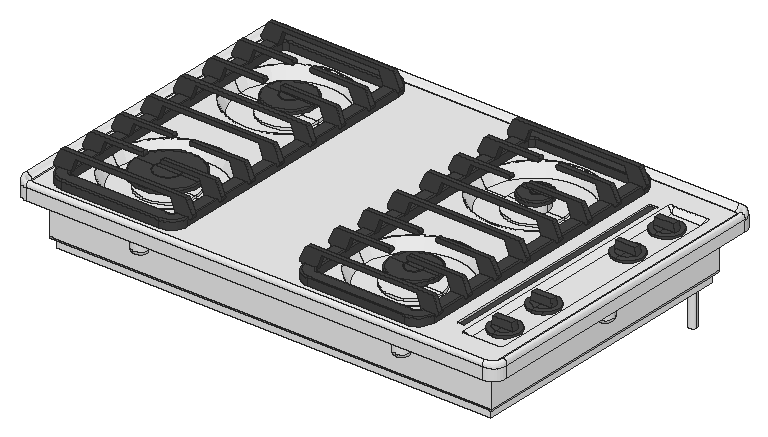
Revit family "QF_Summit_ZTL053S_Cooktop", category Specialty Equipment, Revit 2020
Family settings
  Round Connector Dimension = Use Diameter
  Part Type = Normal
  Work Plane-Based = No
  Always vertical = Yes
  Cut with Voids When Loaded = No
  Shared = No
  Room Calculation Point = No
Parameters
  Weight in Pounds = 27
  Watts = 0 W
  Volts = 115 V
  URL Cutsheet = ""
  Specification by User = ""
  Specification by Manufacturer = ""
  Serial Number = ""
  Seismic Rating = ""
  SMACNA No = ""
  Revision Code = ""
  Plumbing Remarks = ""
  Plumbing Connection Type = ""
  Phase = 1
  Number of Poles = 1
  NAFEM Spec ID Number = ""
  Model = "ZTL053S"
  Min Ckt Ampacity = 0 A
  Max Overcurrent Protection = 0 A
  Masterspec = ""
  Manufacturer = "Summit"
  Length = 29 3/4"
  Item Number = ""
  Installed By = ""
  Identify Quantity as Lot = yes
  Height = 4"
  HP = ""
  Gas Size = 0"
  Gas RI Height = 0"
  Gas KW = 0
  Gas Input = 12000.0 Btu/h
  Gas Connection Height = 0"
  Furnished By = ""
  Foodservice Equipment Identifier = yes
  FL Amps = 0 A
  Electrical Remarks = ""
  Elec Conn RI Height = 0"
  Elec Conn Connection Height = 0"
  Description = "Cooktop"
  Depth = 20"
  Default Elevation = 0"
  Cycle = 60 Hz
  Conn Plug = "3 Prong Cord"
  Conn Conduit = yes
  CSI MasterFormat = ""
  Apparent Power = 0 VA
Reference planes (in)
  plane 1 "BACK": y = 0
  plane 2: z = 0
  plane 3 "LEFT": x = 0
  plane 4 "RIGHT": x = 29.75
  plane 5 "FRONT": y = -20
  plane 6 "TOP": z = 4
  plane 7 "Center Y": x = 14.875
  plane 8 "Center X": y = -10
  plane 9: z = 3
  plane 10: z = 0.5
  plane 11: z = -2.5
Forms (in)
  Sweep 1, solid, material "QF_Metal_Chrome_Satin"
    path origin (0, 0, 3.99988) x (-1, 0, 0) y (0, -1, 0)
      loop
        line (-0.0625, 0.8125) -> (-0.0625, 19.1875)
        arc (-0.0625, 19.1875) -> (-0.28217, 19.71783) -> (-0.8125, 19.9375) r 0.75
        line (-0.8125, 19.9375) -> (-28.9375, 19.9375)
        arc (-28.9375, 19.9375) -> (-29.46783, 19.71783) -> (-29.6875, 19.1875) r 0.75
        line (-29.6875, 19.1875) -> (-29.6875, 0.8125)
        arc (-29.6875, 0.8125) -> (-29.46783, 0.28217) -> (-28.9375, 0.0625) r 0.75
        line (-28.9375, 0.0625) -> (-0.8125, 0.0625)
        arc (-0.8125, 0.0625) -> (-0.28217, 0.28217) -> (-0.0625, 0.8125) r 0.75
    profile origin (0.0625, -10, 3.99988) x (1, 0, 0) y (0, 0, 1)
      loop
        line (0.50007, -0.99988) -> (0.50007, -0.24988)
        spline (0.50007, -0.24988) -> (0.38683, -0.22526) -> (0.30986, -0.16677) -> (0.25459, -0.09746) -> (0.20654, -0.0403) -> (0.15715, -0.00897) -> (0.1083, -0.00102) -> (0.06291, -0.01235) -> (0.02367, -0.03905) -> (-0.00886, -0.07917) -> (-0.03532, -0.13183) -> (-0.05489, -0.20201) -> (-0.06266, -0.31115)
        line (-0.06266, -0.31115) -> (-0.06266, -0.99988) -> (0.50007, -0.99988)
  Extrusion 2, solid, material "QF_Metal_Chrome_Satin"
    sketch origin (23.1875, -0.5625, 3.49988) x (0, 1, 0) y (1, 0, 0)
      loop
        circle (-4.74127, -17.90956) r 3.49904
      loop
        line (-18.875, 5.75) -> (-18.875, -22.375)
        arc (-18.875, -22.375) -> (-18.80178, -22.55178) -> (-18.625, -22.625) r 0.25
        line (-18.625, -22.625) -> (-0.25, -22.625)
        arc (-0.25, -22.625) -> (-0.07322, -22.55178) -> (0, -22.375) r 0.25
        line (0, -22.375) -> (0, 5.75)
        arc (0, 5.75) -> (-0.07322, 5.92678) -> (-0.25, 6) r 0.25
        line (-0.25, 6) -> (-18.625, 6)
        arc (-18.625, 6) -> (-18.80178, 5.92678) -> (-18.875, 5.75) r 0.25
      loop
        circle (-4.74127, -2.71662) r 3.49904
      loop
        circle (-14.13373, -17.90956) r 3.49904
      loop
        circle (-14.13373, -2.71662) r 3.49904
    from 0.49988 to -0.25012
  Blend 3, void
    base sketch origin (23.18874, -0.56796, 3.79988) x (0, 1, 0) y (-1, 0, 0)
      loop
        arc (-1.25, -3) -> (-1.32322, -2.82322) -> (-1.5, -2.75) r 0.25
        line (-1.5, -2.75) -> (-17.375, -2.75)
        arc (-17.375, -2.75) -> (-17.55178, -2.82322) -> (-17.625, -3) r 0.25
        line (-17.625, -3) -> (-17.625, -5.25)
        arc (-17.625, -5.25) -> (-17.55178, -5.42678) -> (-17.375, -5.5) r 0.25
        line (-17.375, -5.5) -> (-1.5, -5.5)
        arc (-1.5, -5.5) -> (-1.32322, -5.42678) -> (-1.25, -5.25) r 0.25
        line (-1.25, -5.25) -> (-1.25, -3)
    top sketch origin (23.18874, -0.56796, 3.79988) x (0, 1, 0) y (-1, 0, 0)
      loop
        line (-1.71875, -3.21875) -> (-17.15625, -3.21875) -> (-17.15625, -5.03125) -> (-1.71875, -5.03125) -> (-1.71875, -3.21875)
    from 0.0625 to -0.31152
  Extrusion 4, void
    sketch origin (23.18874, -0.56796, 3.79988) x (0, 1, 0) y (-1, 0, 0)
      loop
        arc (-2, -2.1875) -> (-2.01831, -2.14331) -> (-2.0625, -2.125) r 0.0625
        line (-2.0625, -2.125) -> (-16.8125, -2.125)
        arc (-16.8125, -2.125) -> (-16.85669, -2.14331) -> (-16.875, -2.1875) r 0.0625
        line (-16.875, -2.1875) -> (-16.875, -2.5625)
        arc (-16.875, -2.5625) -> (-16.85669, -2.60669) -> (-16.8125, -2.625) r 0.0625
        line (-16.8125, -2.625) -> (-2.0625, -2.625)
        arc (-2.0625, -2.625) -> (-2.01831, -2.60669) -> (-2, -2.5625) r 0.0625
        line (-2, -2.5625) -> (-2, -2.1875)
    from 0.0625 to -0.125
  Revolve 5, solid, material "QF_Plastic_Black_Smooth"
    sketch origin (27.31374, -3, 0.48835) x (0, 1, 0) y (0, 0, 1)
      loop
        line (-0.75736, 3) -> (-0.50736, 3) -> (-0.50736, 3.07947) -> (0.15671, 3.07947) -> (0.15671, 3.2014)
        arc (0.15671, 3.2014) -> (0.03405, 3.23774) -> (-0.09329, 3.25) r 0.66737
        line (-0.09329, 3.25) -> (-0.75736, 3.25) -> (-0.75736, 3)
      axis (-0.75736, 3.25) -> (-0.75736, 3)
    angle from 0 to 360
  Blend 6, solid, material "QF_Plastic_Black_Smooth"
    base sketch origin (5.74846, -3, 4.23835) x (-1, 0, 0) y (0, -1, 0)
      loop
        arc (-20.9318, 0.55812) -> (-20.90121, 0.75736) -> (-20.9318, 0.95659) r 0.66406
        line (-20.9318, 0.95659) -> (-22.19875, 0.95659)
        arc (-22.19875, 0.95659) -> (-22.22934, 0.75736) -> (-22.19875, 0.55812) r 0.66406
        line (-22.19875, 0.55812) -> (-20.9318, 0.55812)
    top sketch origin (5.74846, -3, 4.23835) x (-1, 0, 0) y (0, -1, 0)
      loop
        arc (-20.98589, 0.57514) -> (-20.95791, 0.75736) -> (-20.98589, 0.93958) r 0.60736
        line (-20.98589, 0.93958) -> (-22.14466, 0.93958)
        arc (-22.14466, 0.93958) -> (-22.17264, 0.75736) -> (-22.14466, 0.57514) r 0.60736
        line (-22.14466, 0.57514) -> (-20.98589, 0.57514)
    from -0.5 to -0.05271
  Revolve 7, solid, material "QF_Plastic_Black_Smooth", not visible
    sketch origin (21.56528, -3, 0) x (0, 1, 0) y (0, 0, 1)
      loop
        line (-0.75736, 3) -> (-0.50736, 3) -> (-0.50736, 3.07947) -> (0.15671, 3.07947) -> (0.15671, 3.2014)
        arc (0.15671, 3.2014) -> (0.03405, 3.23774) -> (-0.09329, 3.25) r 0.66737
        line (-0.09329, 3.25) -> (-0.75736, 3.25) -> (-0.75736, 3)
      axis (-0.75736, 3.25) -> (-0.75736, 3)
    angle from 0 to 360
  Blend 8, solid, material "QF_Plastic_Black_Smooth", not visible
    base sketch origin (0, -3, 3.75) x (-1, 0, 0) y (0, -1, 0)
      loop
        arc (-20.9318, 0.55812) -> (-20.90121, 0.75736) -> (-20.9318, 0.95659) r 0.66406
        line (-20.9318, 0.95659) -> (-22.19875, 0.95659)
        arc (-22.19875, 0.95659) -> (-22.22934, 0.75736) -> (-22.19875, 0.55812) r 0.66406
        line (-22.19875, 0.55812) -> (-20.9318, 0.55812)
    top sketch origin (0, -3, 3.75) x (-1, 0, 0) y (0, -1, 0)
      loop
        arc (-20.98589, 0.57514) -> (-20.95791, 0.75736) -> (-20.98589, 0.93958) r 0.60736
        line (-20.98589, 0.93958) -> (-22.14466, 0.93958)
        arc (-22.14466, 0.93958) -> (-22.17264, 0.75736) -> (-22.14466, 0.57514) r 0.60736
        line (-22.14466, 0.57514) -> (-20.98589, 0.57514)
    from -0.5 to -0.05271
  Revolve 9, solid, material "QF_Plastic_Black_Smooth"
    sketch origin (27.31156, -3.00158, 0.48835) x (0, 1, 0) y (0, 0, 1)
      loop
        line (-3.75736, 3) -> (-3.50736, 3) -> (-3.50736, 3.07947) -> (-2.84329, 3.07947) -> (-2.84329, 3.2014)
        arc (-2.84329, 3.2014) -> (-2.96595, 3.23774) -> (-3.09329, 3.25) r 0.66737
        line (-3.09329, 3.25) -> (-3.75736, 3.25) -> (-3.75736, 3)
      axis (-3.75736, 3.25) -> (-3.75736, 3)
    angle from 0 to 360
  Blend 10, solid, material "QF_Plastic_Black_Smooth"
    base sketch origin (5.74628, -3.00158, 4.23835) x (-1, 0, 0) y (0, -1, 0)
      loop
        arc (-20.9318, 3.55812) -> (-20.90121, 3.75736) -> (-20.9318, 3.95659) r 0.66406
        line (-20.9318, 3.95659) -> (-22.19875, 3.95659)
        arc (-22.19875, 3.95659) -> (-22.22934, 3.75736) -> (-22.19875, 3.55812) r 0.66406
        line (-22.19875, 3.55812) -> (-20.9318, 3.55812)
    top sketch origin (5.74628, -3.00158, 4.23835) x (-1, 0, 0) y (0, -1, 0)
      loop
        arc (-20.98589, 3.57514) -> (-20.95791, 3.75736) -> (-20.98589, 3.93958) r 0.60736
        line (-20.98589, 3.93958) -> (-22.14466, 3.93958)
        arc (-22.14466, 3.93958) -> (-22.17264, 3.75736) -> (-22.14466, 3.57514) r 0.60736
        line (-22.14466, 3.57514) -> (-20.98589, 3.57514)
    from -0.5 to -0.05271
  Revolve 11, solid, material "QF_Plastic_Black_Smooth"
    sketch origin (27.31156, -6.00158, 0.48835) x (0, 1, 0) y (0, 0, 1)
      loop
        line (-10.24264, 3) -> (-10.24264, 3.25) -> (-10.90671, 3.25)
        arc (-10.90671, 3.25) -> (-11.03405, 3.23774) -> (-11.15671, 3.2014) r 0.66737
        line (-11.15671, 3.2014) -> (-11.15671, 3.07947) -> (-10.49264, 3.07947) -> (-10.49264, 3) -> (-10.24264, 3)
      axis (-10.24264, 3.25) -> (-10.24264, 3)
    angle from 0 to 360
  Blend 12, solid, material "QF_Plastic_Black_Smooth"
    base sketch origin (5.74628, -6.00158, 4.23835) x (-1, 0, 0) y (0, -1, 0)
      loop
        line (-20.9318, 10.44188) -> (-22.19875, 10.44188)
        arc (-22.19875, 10.44188) -> (-22.22934, 10.24264) -> (-22.19875, 10.04341) r 0.66406
        line (-22.19875, 10.04341) -> (-20.9318, 10.04341)
        arc (-20.9318, 10.04341) -> (-20.90121, 10.24264) -> (-20.9318, 10.44188) r 0.66406
    top sketch origin (5.74628, -6.00158, 4.23835) x (-1, 0, 0) y (0, -1, 0)
      loop
        line (-20.98589, 10.42486) -> (-22.14466, 10.42486)
        arc (-22.14466, 10.42486) -> (-22.17264, 10.24264) -> (-22.14466, 10.06042) r 0.60736
        line (-22.14466, 10.06042) -> (-20.98589, 10.06042)
        arc (-20.98589, 10.06042) -> (-20.95791, 10.24264) -> (-20.98589, 10.42486) r 0.60736
    from -0.5 to -0.05271
  Revolve 13, solid, material "QF_Plastic_Black_Smooth"
    sketch origin (27.31156, -3.00158, 0.48835) x (0, 1, 0) y (0, 0, 1)
      loop
        line (-10.24264, 3) -> (-10.24264, 3.25) -> (-10.90671, 3.25)
        arc (-10.90671, 3.25) -> (-11.03405, 3.23774) -> (-11.15671, 3.2014) r 0.66737
        line (-11.15671, 3.2014) -> (-11.15671, 3.07947) -> (-10.49264, 3.07947) -> (-10.49264, 3) -> (-10.24264, 3)
      axis (-10.24264, 3.25) -> (-10.24264, 3)
    angle from 0 to 360
  Blend 14, solid, material "QF_Plastic_Black_Smooth"
    base sketch origin (5.74628, -3.00158, 4.23835) x (-1, 0, 0) y (0, -1, 0)
      loop
        line (-20.9318, 10.44188) -> (-22.19875, 10.44188)
        arc (-22.19875, 10.44188) -> (-22.22934, 10.24264) -> (-22.19875, 10.04341) r 0.66406
        line (-22.19875, 10.04341) -> (-20.9318, 10.04341)
        arc (-20.9318, 10.04341) -> (-20.90121, 10.24264) -> (-20.9318, 10.44188) r 0.66406
    top sketch origin (5.74628, -3.00158, 4.23835) x (-1, 0, 0) y (0, -1, 0)
      loop
        line (-20.98589, 10.42486) -> (-22.14466, 10.42486)
        arc (-22.14466, 10.42486) -> (-22.17264, 10.24264) -> (-22.14466, 10.06042) r 0.60736
        line (-22.14466, 10.06042) -> (-20.98589, 10.06042)
        arc (-20.98589, 10.06042) -> (-20.95791, 10.24264) -> (-20.98589, 10.42486) r 0.60736
    from -0.5 to -0.05271
  Revolve 15, solid, material "QF_Plastic_Black_Smooth", not visible
    sketch origin (21.56528, -20.00316, 0) x (0, 1, 0) y (0, 0, 1)
      loop
        line (16.2458, 3) -> (16.4958, 3) -> (16.4958, 3.07947) -> (17.15986, 3.07947) -> (17.15986, 3.2014)
        arc (17.15986, 3.2014) -> (17.0372, 3.23774) -> (16.90986, 3.25) r 0.66737
        line (16.90986, 3.25) -> (16.2458, 3.25) -> (16.2458, 3)
      axis (16.2458, 3.25) -> (16.2458, 3)
    angle from 0 to 360
  Blend 16, solid, material "QF_Plastic_Black_Smooth", not visible
    base sketch origin (0, -20.00316, 3.75) x (-1, 0, 0) y (0, -1, 0)
      loop
        arc (-20.9318, -16.44503) -> (-20.90121, -16.2458) -> (-20.9318, -16.04657) r 0.66406
        line (-20.9318, -16.04657) -> (-22.19875, -16.04657)
        arc (-22.19875, -16.04657) -> (-22.22934, -16.2458) -> (-22.19875, -16.44503) r 0.66406
        line (-22.19875, -16.44503) -> (-20.9318, -16.44503)
    top sketch origin (0, -20.00316, 3.75) x (-1, 0, 0) y (0, -1, 0)
      loop
        arc (-20.98589, -16.42802) -> (-20.95791, -16.2458) -> (-20.98589, -16.06358) r 0.60736
        line (-20.98589, -16.06358) -> (-22.14466, -16.06358)
        arc (-22.14466, -16.06358) -> (-22.17264, -16.2458) -> (-22.14466, -16.42802) r 0.60736
        line (-22.14466, -16.42802) -> (-20.98589, -16.42802)
    from -0.5 to -0.05271
  Extrusion 17, solid, material "QF_Metal_Chrome_Satin"
    sketch origin (9.68847, 8.08075, 0) x (-1, 0, 0) y (0, 1, 0)
      loop
        circle (-17.75, -10) r 0.25
    from -0.5 to 2.5
  Sweep 18, solid, material "QF_Metal_Chrome_Satin"
    path origin (0, 0, 0) x (1, 0, 0) y (0, 1, 0)
      loop
        line (28.5, -1.25) -> (1.25, -1.25) -> (1.25, -18.75) -> (28.5, -18.75) -> (28.5, -1.25)
    profile origin (28.5, -10, 0) x (1, 0, 0) y (0, 0, 1)
      loop
        line (-0.25, 0) -> (-0.25, 0.5) -> (-0.13174, 0.5)
        arc (-0.13174, 0.5) -> (-0.03859, 0.53859) -> (0, 0.63174) r 0.13174
        line (0, 0.63174) -> (0, 3) -> (-0.125, 3) -> (-0.125, 0.625) -> (-0.375, 0.625) -> (-0.375, 0) -> (-0.25, 0)
  Extrusion 19, solid, material "QF_Metal_Chrome_Satin"
    sketch origin (28.125, -1.625, 0.625) x (0, -1, 0) y (1, 0, 0)
      loop
        line (0, -26.5) -> (16.75, -26.5) -> (16.75, 0) -> (0, 0) -> (0, -26.5)
    from 0 to -0.125
  Extrusion 20, solid, material "QF_Metal_Chrome_Satin"
    sketch origin (28.125, -1.625, 0.5) x (1, 0, 0) y (0, -1, 0)
      loop
        circle (-1.43653, 0.29425) r 0.25
    from 0 to 0.0625
  Revolve 21, solid, material "QF_Metal_Black"
    sketch origin (0, -5.30377, 0) x (1, 0, 0) y (0, 0, 1)
      loop
        line (5.27794, 3.69939) -> (5.27794, 3.94939) -> (4.77794, 3.94939) -> (4.77794, 3.88689) -> (4.71544, 3.88689) -> (4.71544, 3.94939) -> (3.84044, 3.94939)
        arc (3.84044, 3.94939) -> (3.79624, 3.93109) -> (3.77794, 3.88689) r 0.0625
        line (3.77794, 3.88689) -> (3.77794, 3.69939) -> (5.27794, 3.69939)
      axis (5.27794, 3.69939) -> (5.27794, 3.94939)
    angle from 0 to 360
  Revolve 22, solid, material "QF_Metal_Black"
    sketch origin (12.31795, -14.69623, 0) x (1, 0, 0) y (0, 0, 1)
      loop
        line (8.15294, 3.69939) -> (8.15294, 3.94939) -> (7.65294, 3.94939) -> (7.65294, 3.88689) -> (7.59044, 3.88689) -> (7.59044, 3.94939) -> (6.71544, 3.94939)
        arc (6.71544, 3.94939) -> (6.67124, 3.93109) -> (6.65294, 3.88689) r 0.0625
        line (6.65294, 3.88689) -> (6.65294, 3.69939) -> (8.15294, 3.69939)
      axis (8.15294, 3.69939) -> (8.15294, 3.94939)
    angle from 0 to 360
  Revolve 23, solid, material "QF_Metal_Black"
    sketch origin (3.25935, -5.30377, 0) x (1, 0, 0) y (0, 0, 1)
      loop
        line (17.21154, 3.94939) -> (16.96154, 3.94939) -> (16.96154, 3.88689) -> (16.89904, 3.88689) -> (16.89904, 3.94939) -> (16.27404, 3.94939)
        arc (16.27404, 3.94939) -> (16.22984, 3.93109) -> (16.21154, 3.88689) r 0.0625
        line (16.21154, 3.88689) -> (16.21154, 3.69939) -> (17.21154, 3.69939) -> (17.21154, 3.94939)
      axis (17.21154, 3.69939) -> (17.21154, 3.94939)
    angle from 0 to 360
  Revolve 24, solid, material "QF_Metal_Black"
    sketch origin (0, -14.69623, 0) x (1, 0, 0) y (0, 0, 1)
      loop
        line (5.27794, 3.69939) -> (5.27794, 3.94939) -> (4.52794, 3.94939) -> (4.52794, 3.88689) -> (4.46544, 3.88689) -> (4.46544, 3.94939) -> (3.34044, 3.94939)
        arc (3.34044, 3.94939) -> (3.29624, 3.93109) -> (3.27794, 3.88689) r 0.0625
        line (3.27794, 3.88689) -> (3.27794, 3.69939) -> (5.27794, 3.69939)
      axis (5.27794, 3.69939) -> (5.27794, 3.94939)
    angle from 0 to 360
  Revolve 25, solid, material "QF_Metal_Chrome_Satin"
    sketch origin (0, -10, 0) x (1, 0, 0) y (0, 0, 1)
      loop
        line (1.25, 3) -> (0.75, 3) -> (0.75, 2)
        arc (0.75, 2) -> (0.8255, 1.83445) -> (1, 1.7829) r 0.21926
        line (1, 1.7829) -> (1.25, 1.7829) -> (1.25, 3)
      axis (1.25, 1.7829) -> (1.25, 3)
    angle from -90 to 90
  Revolve 26, solid, material "QF_Metal_Chrome_Satin"
    sketch origin (24, -10, 0) x (-1, 0, 0) y (0, 0, -1)
      loop
        line (-4.5, -3) -> (-4.5, -1.7829) -> (-4.75, -1.7829)
        arc (-4.75, -1.7829) -> (-4.9245, -1.83445) -> (-5, -2) r 0.21926
        line (-5, -2) -> (-5, -3) -> (-4.5, -3)
      axis (-4.5, -1.7829) -> (-4.5, -3)
    angle from -90 to 90
  Revolve 27, solid, material "QF_Metal_Chrome_Satin"
    sketch origin (21.33132, -1.25, 0) x (-1, 0, 0) y (0, 0, -1)
      loop
        line (-1.625, -3) -> (-1.625, -1.7829) -> (-1.875, -1.7829)
        arc (-1.875, -1.7829) -> (-2.0495, -1.83445) -> (-2.125, -2) r 0.21926
        line (-2.125, -2) -> (-2.125, -3) -> (-1.625, -3)
      axis (-1.625, -1.7829) -> (-1.625, -3)
    angle from 0 to 180
  Revolve 28, solid, material "QF_Metal_Chrome_Satin"
    sketch origin (5.19698, -1.25, 0) x (-1, 0, 0) y (0, 0, -1)
      loop
        line (-1.625, -3) -> (-1.625, -1.7829) -> (-1.875, -1.7829)
        arc (-1.875, -1.7829) -> (-2.0495, -1.83445) -> (-2.125, -2) r 0.21926
        line (-2.125, -2) -> (-2.125, -3) -> (-1.625, -3)
      axis (-1.625, -1.7829) -> (-1.625, -3)
    angle from 0 to 180
  Revolve 29, solid, material "QF_Metal_Chrome_Satin"
    sketch origin (21.33132, -18.75, 0) x (-1, 0, 0) y (0, 0, 1)
      loop
        line (-1.625, 3) -> (-2.125, 3) -> (-2.125, 2)
        arc (-2.125, 2) -> (-2.0495, 1.83445) -> (-1.875, 1.7829) r 0.21926
        line (-1.875, 1.7829) -> (-1.625, 1.7829) -> (-1.625, 3)
      axis (-1.625, 1.7829) -> (-1.625, 3)
    angle from 0 to 180
  Revolve 30, solid, material "QF_Metal_Chrome_Satin"
    sketch origin (5.19698, -18.75, 0) x (-1, 0, 0) y (0, 0, 1)
      loop
        line (-1.625, 3) -> (-2.125, 3) -> (-2.125, 2)
        arc (-2.125, 2) -> (-2.0495, 1.83445) -> (-1.875, 1.7829) r 0.21926
        line (-1.875, 1.7829) -> (-1.625, 1.7829) -> (-1.625, 3)
      axis (-1.625, 1.7829) -> (-1.625, 3)
    angle from 0 to 180
Cuts and joins
  Blend 3, Extrusion 4 cuts Extrusion 2
Lines and regions (in)
  symbolic lines
    curve 1: arc (27.31374, -2.84329, 4.23835) -> (26.39968, -3.75736, 4.23835) -> (27.31374, -4.67142, 4.23835) r 0.91406
    curve 2: arc (27.31374, -4.67142, 4.23835) -> (28.2278, -3.75736, 4.23835) -> (27.31374, -2.84329, 4.23835) r 0.91406
    curve 3: line (26.68027, -3.55812, 4.23835) -> (27.94721, -3.55812, 4.23835)
    curve 4: line (27.94721, -3.95659, 4.23835) -> (26.68027, -3.95659, 4.23835)
    curve 5: arc (26.68027, -3.55812, 4.23835) -> (26.64968, -3.75736, 4.23835) -> (26.68027, -3.95659, 4.23835) r 0.66406
    curve 6: arc (27.94721, -3.95659, 4.23835) -> (27.9778, -3.75736, 4.23835) -> (27.94721, -3.55812, 4.23835) r 0.66406
    curve 13: arc (27.31156, -5.84487, 4.23835) -> (26.3975, -6.75893, 4.23835) -> (27.31156, -7.673, 4.23835) r 0.91406
    curve 14: arc (27.31156, -7.673, 4.23835) -> (28.22562, -6.75893, 4.23835) -> (27.31156, -5.84487, 4.23835) r 0.91406
    curve 15: line (26.67809, -6.5597, 4.23835) -> (27.94503, -6.5597, 4.23835)
    curve 16: line (27.94503, -6.95817, 4.23835) -> (26.67809, -6.95817, 4.23835)
    curve 17: arc (26.67809, -6.5597, 4.23835) -> (26.6475, -6.75893, 4.23835) -> (26.67809, -6.95817, 4.23835) r 0.66406
    curve 18: arc (27.94503, -6.95817, 4.23835) -> (27.97562, -6.75893, 4.23835) -> (27.94503, -6.5597, 4.23835) r 0.66406
    curve 19: arc (27.31156, -17.15828, 4.23835) -> (26.3975, -16.24422, 4.23835) -> (27.31156, -15.33016, 4.23835) r 0.91406
    curve 20: arc (27.31156, -15.33016, 4.23835) -> (28.22562, -16.24422, 4.23835) -> (27.31156, -17.15828, 4.23835) r 0.91406
    curve 21: line (26.67809, -16.44345, 4.23835) -> (27.94503, -16.44345, 4.23835)
    curve 22: line (27.94503, -16.04499, 4.23835) -> (26.67809, -16.04499, 4.23835)
    curve 23: arc (26.67809, -16.44345, 4.23835) -> (26.6475, -16.24422, 4.23835) -> (26.67809, -16.04499, 4.23835) r 0.66406
    curve 24: arc (27.94503, -16.04499, 4.23835) -> (27.97562, -16.24422, 4.23835) -> (27.94503, -16.44345, 4.23835) r 0.66406
    curve 25: arc (27.31156, -14.15828, 4.23835) -> (26.3975, -13.24422, 4.23835) -> (27.31156, -12.33016, 4.23835) r 0.91406
    curve 26: arc (27.31156, -12.33016, 4.23835) -> (28.22562, -13.24422, 4.23835) -> (27.31156, -14.15828, 4.23835) r 0.91406
    curve 27: line (26.67809, -13.44345, 4.23835) -> (27.94503, -13.44345, 4.23835)
    curve 28: line (27.94503, -13.04499, 4.23835) -> (26.67809, -13.04499, 4.23835)
    curve 29: arc (26.67809, -13.44345, 4.23835) -> (26.6475, -13.24422, 4.23835) -> (26.67809, -13.04499, 4.23835) r 0.66406
    curve 30: arc (27.94503, -13.04499, 4.23835) -> (27.97562, -13.24422, 4.23835) -> (27.94503, -13.44345, 4.23835) r 0.66406
    curve 37: line (0.5625, -0.8125, 0) -> (0.5625, -19.1875, 0)
    curve 38: line (28.9375, -0.5625, 0) -> (0.8125, -0.5625, 0)
    curve 39: arc (0.5625, -0.8125, 0) -> (0.63572, -0.63572, 0) -> (0.8125, -0.5625, 0) r 0.25
    curve 40: arc (28.9375, -0.5625, 0) -> (29.11428, -0.63572, 0) -> (29.1875, -0.8125, 0) r 0.25
    curve 41: line (29.1875, -19.1875, 0) -> (29.1875, -0.8125, 0)
    curve 42: line (28.21999, -2.28671, 0) -> (26.40749, -2.28671, 0)
    curve 43: line (26.40749, -2.28671, 0) -> (26.40749, -17.72421, 0)
    curve 44: line (26.40749, -17.72421, 0) -> (28.21999, -17.72421, 0)
    curve 45: line (28.21999, -17.72421, 0) -> (28.21999, -2.28671, 0)
    curve 46: line (26.25446, -1.9588, 0) -> (28.37302, -1.9588, 0)
    curve 47: arc (28.37302, -1.9588, 0) -> (28.49668, -2.01002, 0) -> (28.5479, -2.13368, 0) r 0.17489
    curve 48: line (28.5479, -2.13368, 0) -> (28.5479, -17.87723, 0)
    curve 49: arc (28.5479, -17.87723, 0) -> (28.49668, -18.0009, 0) -> (28.37302, -18.05212, 0) r 0.17489
    curve 50: line (28.37302, -18.05212, 0) -> (26.25446, -18.05212, 0)
    curve 51: arc (26.25446, -18.05212, 0) -> (26.1308, -18.0009, 0) -> (26.07958, -17.87723, 0) r 0.17489
    curve 52: line (26.07958, -17.87723, 0) -> (26.07958, -2.13368, 0)
    curve 53: arc (26.07958, -2.13368, 0) -> (26.1308, -2.01002, 0) -> (26.25446, -1.9588, 0) r 0.17489
    curve 54: line (25.31374, -17.38046, 0) -> (25.31374, -2.63046, 0)
    curve 55: arc (25.31374, -2.63046, 0) -> (25.33205, -2.58626, 0) -> (25.37624, -2.56796, 0) r 0.0625
    curve 56: line (25.37624, -2.56796, 0) -> (25.75124, -2.56796, 0)
    curve 57: arc (25.75124, -2.56796, 0) -> (25.79543, -2.58626, 0) -> (25.81374, -2.63046, 0) r 0.0625
    curve 58: line (25.81374, -2.63046, 0) -> (25.81374, -17.38046, 0)
    curve 59: arc (25.81374, -17.38046, 0) -> (25.79543, -17.42465, 0) -> (25.75124, -17.44296, 0) r 0.0625
    curve 60: line (25.75124, -17.44296, 0) -> (25.37624, -17.44296, 0)
    curve 61: arc (25.37624, -17.44296, 0) -> (25.33205, -17.42465, 0) -> (25.31374, -17.38046, 0) r 0.0625
    curve 62: line (0.8125, -19.4375, 0) -> (28.9375, -19.4375, 0)
    curve 63: arc (29.1875, -19.1875, 0) -> (29.11428, -19.36428, 0) -> (28.9375, -19.4375, 0) r 0.25
    curve 64: arc (0.8125, -19.4375, 0) -> (0.63572, -19.36428, 0) -> (0.5625, -19.1875, 0) r 0.25
    curve 65: line (-0.00016, -19.1875, 0) -> (-0.00016, -0.8125, 0)
    curve 66: arc (-0.00016, -0.8125, 0) -> (0.23786, -0.23786, 0) -> (0.8125, 0.00016, 0) r 0.81266
    curve 67: line (0.8125, 0.00016, 0) -> (28.9375, 0.00016, 0)
    curve 68: arc (28.9375, 0.00016, 0) -> (29.51214, -0.23786, 0) -> (29.75016, -0.8125, 0) r 0.81266
    curve 69: line (29.75016, -0.8125, 0) -> (29.75016, -19.1875, 0)
    curve 70: arc (29.75016, -19.1875, 0) -> (29.51214, -19.76214, 0) -> (28.9375, -20.00016, 0) r 0.81266
    curve 71: line (28.9375, -20.00016, 0) -> (0.8125, -20.00016, 0)
    curve 72: arc (0.8125, -20.00016, 0) -> (0.23786, -19.76214, 0) -> (-0.00016, -19.1875, 0) r 0.81266
    curve 73: arc (6.77794, -5.30377, 0) -> (6.66138, -5.8835, 0) -> (6.32982, -6.37314, 0) r 1.5
    curve 74: arc (3.77794, -5.30377, 0) -> (3.86331, -4.80495, 0) -> (4.1097, -4.3629, 0) r 1.5
    curve 75: arc (4.77794, -5.30377, 0) -> (5.27794, -4.80377, 0) -> (5.77794, -5.30377, 0) r 0.5
    curve 76: arc (5.77794, -5.30377, 0) -> (5.27794, -5.80377, 0) -> (4.77794, -5.30377, 0) r 0.5
    curve 77: arc (18.72185, -5.30377, 0) -> (18.79036, -4.81901, 0) -> (18.99055, -4.37224, 0) r 1.74904
    curve 78: arc (22.21992, -5.30377, 0) -> (22.1288, -5.86093, 0) -> (21.86495, -6.36005, 0) r 1.74904
    curve 79: arc (21.47088, -5.30377, 0) -> (20.47088, -6.30377, 0) -> (19.47088, -5.30377, 0) r 1
    curve 80: arc (19.47088, -5.30377, 0) -> (20.47088, -4.30377, 0) -> (21.47088, -5.30377, 0) r 1
    curve 81: arc (20.22088, -5.30377, 0) -> (20.47088, -5.05377, 0) -> (20.72088, -5.30377, 0) r 0.25
    curve 82: arc (20.72088, -5.30377, 0) -> (20.47088, -5.55377, 0) -> (20.22088, -5.30377, 0) r 0.25
    curve 83: arc (3.27794, -14.69623, 0) -> (3.35793, -14.13624, 0) -> (3.59152, -13.62105, 0) r 2
    curve 84: arc (7.27794, -14.69623, 0) -> (7.2165, -15.18811, 0) -> (7.03599, -15.64978, 0) r 2
    curve 85: arc (6.02794, -14.69623, 0) -> (5.27794, -15.44623, 0) -> (4.52794, -14.69623, 0) r 0.75
    curve 86: arc (4.52794, -14.69623, 0) -> (5.27794, -13.94623, 0) -> (6.02794, -14.69623, 0) r 0.75
    curve 87: arc (21.97088, -14.69623, 0) -> (21.8897, -15.183, 0) -> (21.65495, -15.61709, 0) r 1.5
    curve 88: arc (18.97088, -14.69623, 0) -> (19.08577, -14.12051, 0) -> (19.41282, -13.63298, 0) r 1.5
    curve 89: arc (19.97088, -14.69623, 0) -> (20.47088, -14.19623, 0) -> (20.97088, -14.69623, 0) r 0.5
    curve 90: arc (20.97088, -14.69623, 0) -> (20.47088, -15.19623, 0) -> (19.97088, -14.69623, 0) r 0.5
    curve 91: arc (6.44829, -4.36554, 0) -> (6.69313, -4.80654, 0) -> (6.77794, -5.30377, 0) r 1.5
    curve 92: arc (6.00005, -6.61851, 0) -> (5.30676, -6.80349, 0) -> (4.60688, -6.64529, 0) r 1.5
    curve 93: arc (4.34823, -4.12663, 0) -> (5.27744, -3.80377, 0) -> (6.20686, -4.12602, 0) r 1.5
    curve 94: arc (4.24744, -6.39376, 0) -> (3.9003, -5.89717, 0) -> (3.77794, -5.30377, 0) r 1.5
    curve 95: arc (19.18671, -4.11632, 0) -> (20.47893, -3.55475, 0) -> (21.76593, -4.12819, 0) r 1.74904
    curve 96: arc (21.95467, -4.37775, 0) -> (22.1523, -4.82214, 0) -> (22.21992, -5.30377, 0) r 1.74904
    curve 97: arc (21.61924, -6.62302, 0) -> (20.4941, -7.05265, 0) -> (19.35796, -6.65304, 0) r 1.74904
    curve 98: arc (19.09731, -6.38656, 0) -> (18.81838, -5.87679, 0) -> (18.72185, -5.30377, 0) r 1.74904
    curve 99: arc (21.51879, -13.62296, 0) -> (21.85325, -14.11393, 0) -> (21.97088, -14.69623, 0) r 1.5
    curve 100: arc (21.40266, -15.87172, 0) -> (20.47892, -16.1962, 0) -> (19.55176, -15.88164, 0) r 1.5
    curve 101: arc (19.30495, -15.63995, 0) -> (19.05687, -15.19678, 0) -> (18.97088, -14.69623, 0) r 1.5
    curve 102: arc (6.98346, -13.65162, 0) -> (7.20291, -14.15357, 0) -> (7.27794, -14.69623, 0) r 2
    curve 103: arc (6.89066, -15.87906, 0) -> (5.26987, -16.69621, 0) -> (3.65572, -15.86601, 0) r 2
    curve 104: arc (3.49635, -15.60505, 0) -> (3.33331, -15.16358, 0) -> (3.27794, -14.69623, 0) r 2
    curve 105: arc (3.80563, -13.3426, 0) -> (5.31089, -12.6965, 0) -> (6.79404, -13.39184, 0) r 2
    curve 106: arc (5.27794, -11.19719, 0) -> (3.34087, -11.78229, 0) -> (2.05163, -13.34191, 0) r 3.49904
    curve 107: arc (5.27794, -18.19526, 0) -> (5.59399, -18.18096, 0) -> (5.90746, -18.13817, 0) r 3.49904
    curve 108: arc (2.17718, -14.69623, 0) -> (2.22514, -14.15294, 0) -> (2.36756, -13.62646, 0) r 3.10076
    curve 109: arc (8.37869, -14.69623, 0) -> (8.34399, -15.15887, 0) -> (8.24064, -15.61115, 0) r 3.10076
    curve 110: arc (17.37013, -14.69623, 0) -> (17.41831, -14.15172, 0) -> (17.56136, -13.62413, 0) r 3.10076
    curve 111: arc (23.57164, -14.69623, 0) -> (23.53639, -15.16245, 0) -> (23.43144, -15.61807, 0) r 3.10076
    curve 112: arc (22.21992, -14.69623, 0) -> (22.15083, -15.18295, 0) -> (21.94903, -15.63122, 0) r 1.74904
    curve 113: arc (18.72185, -14.69623, 0) -> (18.81557, -14.13137, 0) -> (19.08669, -13.62704, 0) r 1.74904
    curve 114: arc (20.47088, -1.80473, 0) -> (20.16646, -1.818, 0) -> (19.86434, -1.8577, 0) r 3.49904
    curve 115: arc (23.57164, -5.30377, 0) -> (23.52322, -5.8496, 0) -> (23.37948, -6.37838, 0) r 3.10076
    curve 116: arc (17.37013, -5.30377, 0) -> (17.40631, -4.83145, 0) -> (17.51402, -4.37015, 0) r 3.10076
    curve 117: arc (2.17718, -5.30377, 0) -> (2.21285, -4.83475, 0) -> (2.31907, -4.37652, 0) r 3.10076
    curve 118: arc (5.27794, -1.80473, 0) -> (4.93803, -1.82128, 0) -> (4.60134, -1.87077, 0) r 3.49904
    curve 119: arc (8.37869, -5.30377, 0) -> (8.32757, -5.86451, 0) -> (8.17588, -6.40676, 0) r 3.10076
    curve 120: arc (3.5289, -5.30377, 0) -> (3.59902, -4.8135, 0) -> (3.80375, -4.36254, 0) r 1.74904
    curve 121: arc (7.02697, -5.30377, 0) -> (6.93488, -5.86382, 0) -> (6.66831, -6.3649, 0) r 1.74904
    curve 122: arc (3.82427, -2.12098, 0) -> (2.70604, -2.9313, 0) -> (1.98841, -4.11116, 0) r 3.49904
    curve 123: arc (5.93047, -1.86612, 0) -> (5.60564, -1.82011, 0) -> (5.27794, -1.80473, 0) r 3.49904
    curve 124: arc (8.57049, -4.11957, 0) -> (7.86529, -2.94817, 0) -> (6.76501, -2.13646, 0) r 3.49904
    curve 125: arc (8.24134, -4.39111, 0) -> (8.34416, -4.8423, 0) -> (8.37869, -5.30377, 0) r 3.10076
    curve 126: arc (8.08523, -6.62052, 0) -> (5.27638, -8.40453, 0) -> (2.46932, -6.61769, 0) r 3.10076
    curve 127: arc (3.99761, -4.11217, 0) -> (5.2798, -3.55473, 0) -> (6.5608, -4.11491, 0) r 1.74904
    curve 128: arc (6.75932, -4.37391, 0) -> (6.95873, -4.81996, 0) -> (7.02697, -5.30377, 0) r 1.74904
    curve 129: arc (6.4133, -6.63421, 0) -> (5.29556, -7.05272, 0) -> (4.16961, -6.65682, 0) r 1.74904
    curve 130: arc (3.90112, -6.38243, 0) -> (3.62457, -5.87431, 0) -> (3.5289, -5.30377, 0) r 1.74904
    curve 131: arc (2.41441, -4.11426, 0) -> (5.28437, -2.20302, 0) -> (8.14637, -4.12615, 0) r 3.10076
    curve 132: arc (2.04204, -6.63503, 0) -> (2.90751, -7.87755, 0) -> (4.2169, -8.63806, 0) r 3.49904
    curve 133: arc (2.36155, -6.35706, 0) -> (2.22362, -5.83842, 0) -> (2.17718, -5.30377, 0) r 3.10076
    curve 134: arc (6.38919, -8.62166, 0) -> (7.6707, -7.8568, 0) -> (8.51692, -6.6275, 0) r 3.49904
    curve 135: arc (19.02425, -2.11778, 0) -> (17.89356, -2.93719, 0) -> (17.17335, -4.13351, 0) r 3.49904
    curve 136: arc (21.12029, -1.86552, 0) -> (20.79701, -1.81996, 0) -> (20.47088, -1.80473, 0) r 3.49904
    curve 137: arc (23.75936, -4.10828, 0) -> (23.04752, -2.93644, 0) -> (21.94004, -2.12811, 0) r 3.49904
    curve 138: arc (23.4311, -4.38084, 0) -> (23.53631, -4.83698, 0) -> (23.57164, -5.30377, 0) r 3.10076
    curve 139: arc (17.61262, -4.10167, 0) -> (20.47007, -2.20301, 0) -> (23.32851, -4.10017, 0) r 3.10076
    curve 140: arc (17.23676, -6.63931, 0) -> (18.11687, -7.89257, 0) -> (19.44792, -8.64993, 0) r 3.49904
    curve 141: arc (23.27893, -6.61889, 0) -> (20.47146, -8.40453, 0) -> (17.66332, -6.61994, 0) r 3.10076
    curve 142: arc (17.55984, -6.37173, 0) -> (17.41792, -5.84611, 0) -> (17.37013, -5.30377, 0) r 3.10076
    curve 143: arc (21.56645, -8.62687, 0) -> (22.84664, -7.87263, 0) -> (23.69842, -6.65516, 0) r 3.49904
    curve 144: arc (19.36537, -11.37642, 0) -> (18.09662, -12.12598, 0) -> (17.24899, -13.33142, 0) r 3.49904
    curve 145: arc (23.69709, -13.34166, 0) -> (22.879, -12.15767, 0) -> (21.65354, -11.40311, 0) r 3.49904
    curve 146: arc (23.37774, -13.61692, 0) -> (23.52278, -14.14793, 0) -> (23.57164, -14.69623, 0) r 3.10076
    curve 147: arc (23.33173, -15.89215, 0) -> (20.46638, -17.79698, 0) -> (17.60658, -15.88384, 0) r 3.10076
    curve 148: arc (17.51435, -15.63089, 0) -> (17.40639, -15.16909, 0) -> (17.37013, -14.69623, 0) r 3.10076
    curve 149: arc (17.68753, -13.32962, 0) -> (20.49059, -11.59553, 0) -> (23.27139, -13.36511, 0) r 3.10076
    curve 150: arc (17.17305, -15.86566, 0) -> (17.8981, -17.06774, 0) -> (19.03727, -17.88809, 0) r 3.49904
    curve 151: arc (21.93785, -17.8729, 0) -> (23.02155, -17.09151, 0) -> (23.73338, -15.96089, 0) r 3.49904
    curve 152: arc (6.78733, -17.85297, 0) -> (7.85065, -17.06781, 0) -> (8.54684, -15.94423, 0) r 3.49904
    curve 153: arc (4.69103, -18.14569, 0) -> (4.98344, -18.18285, 0) -> (5.27794, -18.19526, 0) r 3.49904
    curve 154: arc (8.13822, -15.8935, 0) -> (5.27214, -17.79698, 0) -> (2.4132, -15.88281, 0) r 3.10076
    curve 155: arc (8.17474, -13.59023, 0) -> (8.32728, -14.1339, 0) -> (8.37869, -14.69623, 0) r 3.10076
    curve 156: arc (8.50017, -13.33225, 0) -> (7.21063, -11.77939, 0) -> (5.27794, -11.19719, 0) r 3.49904
    curve 157: arc (2.00679, -15.93836, 0) -> (2.73072, -17.09518, 0) -> (3.8421, -17.8871, 0) r 3.49904
    curve 158: arc (2.47364, -13.37311, 0) -> (5.27778, -11.59547, 0) -> (8.0821, -13.37283, 0) r 3.10076
    curve 159: arc (2.31178, -15.59991, 0) -> (2.21101, -15.15306, 0) -> (2.17718, -14.69623, 0) r 3.10076
    curve 160: arc (21.16857, -18.125, 0) -> (20.47088, -18.19526, 0) -> (19.77319, -18.125, 0) r 3.49904
    curve 161: arc (19.34033, -13.3617, 0) -> (20.48485, -12.94724, 0) -> (21.62261, -13.37992, 0) r 1.74904
    curve 162: arc (19.768, -13.3711, 0) -> (20.47565, -13.19623, 0) -> (21.18217, -13.37559, 0) r 1.5
    curve 163: arc (21.84775, -13.61763, 0) -> (22.12426, -14.12572, 0) -> (22.21992, -14.69623, 0) r 1.74904
    curve 164: arc (18.98293, -15.61554, 0) -> (18.78838, -15.17406, 0) -> (18.72185, -14.69623, 0) r 1.74904
    curve 165: arc (21.76302, -15.875, 0) -> (20.47088, -16.44526, 0) -> (19.17874, -15.875, 0) r 1.74904
  symbolic lines, not visible
    curve 7: arc (21.56528, -2.84329, 3.75) -> (20.65121, -3.75736, 3.75) -> (21.56528, -4.67142, 3.75) r 0.91406
    curve 8: arc (21.56528, -4.67142, 3.75) -> (22.47934, -3.75736, 3.75) -> (21.56528, -2.84329, 3.75) r 0.91406
    curve 9: line (20.9318, -3.55812, 3.75) -> (22.19875, -3.55812, 3.75)
    curve 10: line (22.19875, -3.95659, 3.75) -> (20.9318, -3.95659, 3.75)
    curve 11: arc (20.9318, -3.55812, 3.75) -> (20.90121, -3.75736, 3.75) -> (20.9318, -3.95659, 3.75) r 0.66406
    curve 12: arc (22.19875, -3.95659, 3.75) -> (22.22934, -3.75736, 3.75) -> (22.19875, -3.55812, 3.75) r 0.66406
    curve 31: arc (21.56528, -2.84329, 3.75) -> (20.65121, -3.75736, 3.75) -> (21.56528, -4.67142, 3.75) r 0.91406
    curve 32: arc (21.56528, -4.67142, 3.75) -> (22.47934, -3.75736, 3.75) -> (21.56528, -2.84329, 3.75) r 0.91406
    curve 33: line (20.9318, -3.55812, 3.75) -> (22.19875, -3.55812, 3.75)
    curve 34: line (22.19875, -3.95659, 3.75) -> (20.9318, -3.95659, 3.75)
    curve 35: arc (20.9318, -3.55812, 3.75) -> (20.90121, -3.75736, 3.75) -> (20.9318, -3.95659, 3.75) r 0.66406
    curve 36: arc (22.19875, -3.95659, 3.75) -> (22.22934, -3.75736, 3.75) -> (22.19875, -3.55812, 3.75) r 0.66406
Dimensions and locks (in)
  equal spacing: plane 3 "LEFT", plane 7 "Center Y", plane 4 "RIGHT"
  "Length": plane 3 "LEFT" to plane 4 "RIGHT"
  equal spacing: plane 5 "FRONT", plane 8 "Center X", plane 1 "BACK"
  "Depth": plane 5 "FRONT" to plane 1 "BACK"
  "Height": plane 6 "TOP" to level
  plane 9 to level = 3"
  plane 9 to plane 10 = 2 1/2"
  plane 10 to plane 11 = 3"
  aligned and locked: level to plane 2
Automatic sketch dimensions
  Blend 6 sketch curve to Blend 6 sketch curve = 0.63347"  (x2)
  Blend 6 sketch curve to Blend 6 sketch curve = 51/256"
  Blend 6 sketch curve to Blend 6 sketch curve = 0"  (x10)
  Blend 6 sketch curve to Blend 6 sketch curve = 0.57938"  (x2)
  Blend 6 sketch curve to Blend 6 sketch curve = 0.18222"
  curve 4 to curve 1 = 0.63347"
  curve 3 to curve 1 = 51/256"
  curve 2 to curve 5 = 183/256"
  curve 3 to curve 4 = 0"
  curve 2 to curve 3 = 0.63347"
  curve 2 to curve 5 = 0"  (x4)
  curve 2 to curve 6 = 0"  (x3)
  curve 5 to curve 6 = 0"  (x3)
  curve 1 to curve 2 = 0"  (x2)
  curve 1 to curve 5 = 0"  (x2)
  curve 1 to curve 6 = 0"  (x2)
  Blend 8 sketch curve to Blend 8 sketch curve = 0.63347"  (x2)
  Blend 8 sketch curve to Blend 8 sketch curve = 51/256"
  Blend 8 sketch curve to Blend 8 sketch curve = 0"  (x10)
  Blend 8 sketch curve to Blend 8 sketch curve = 0.57938"  (x2)
  Blend 8 sketch curve to Blend 8 sketch curve = 0.18222"
  curve 10 to curve 7 = 0.63347"
  curve 9 to curve 7 = 51/256"
  curve 8 to curve 11 = 183/256"
  curve 9 to curve 10 = 0"
  curve 8 to curve 9 = 0.63347"
  curve 8 to curve 11 = 0"  (x4)
  curve 8 to curve 12 = 0"  (x3)
  curve 11 to curve 12 = 0"  (x3)
  curve 7 to curve 8 = 0"  (x2)
  curve 7 to curve 11 = 0"  (x2)
  curve 7 to curve 12 = 0"  (x2)
  Revolve 9 sketch curve to Revolve 9 sketch curve = 1/4"  (x2)
  Revolve 9 sketch curve to Revolve 9 sketch curve = 53/128"
  Revolve 9 sketch curve to Revolve 9 sketch curve = 85/128"
  Revolve 9 sketch curve to Revolve 9 sketch curve = 0"
  Revolve 9 sketch curve to Revolve 9 sketch curve = 0.12193"
  Blend 10 sketch curve to Blend 10 sketch curve = 0.63347"  (x2)
  Blend 10 sketch curve to Blend 10 sketch curve = 51/256"
  Blend 10 sketch curve to Blend 10 sketch curve = 0"  (x10)
  Blend 10 sketch curve to Blend 10 sketch curve = 0.57938"  (x2)
  Blend 10 sketch curve to Blend 10 sketch curve = 0.18222"
  Revolve 9 sketch curve to Revolve 9 sketch curve = 0.41737"
  Revolve 9 sketch curve to Revolve 9 sketch curve = 0.07947"
  Revolve 9 sketch curve to Revolve 9 sketch curve = 0.30818"
  Revolve 11 sketch curve to Revolve 11 sketch curve = 1/4"  (x2)
  Revolve 11 sketch curve to Revolve 11 sketch curve = 53/128"
  Revolve 11 sketch curve to Revolve 11 sketch curve = 85/128"
  Revolve 11 sketch curve to Revolve 11 sketch curve = 0"
  Revolve 11 sketch curve to Revolve 11 sketch curve = 0.12193"
  Blend 12 sketch curve to Blend 12 sketch curve = 0.63347"  (x2)
  Blend 12 sketch curve to Blend 12 sketch curve = 51/256"
  Blend 12 sketch curve to Blend 12 sketch curve = 0"  (x10)
  Blend 12 sketch curve to Blend 12 sketch curve = 0.57938"  (x2)
  Blend 12 sketch curve to Blend 12 sketch curve = 0.18222"
  Revolve 11 sketch curve to Revolve 11 sketch curve = 0.41737"
  Revolve 11 sketch curve to Revolve 11 sketch curve = 0.07947"
  Revolve 11 sketch curve to Revolve 11 sketch curve = 0.30818"
  Revolve 13 sketch curve to Revolve 13 sketch curve = 1/4"  (x2)
  Revolve 13 sketch curve to Revolve 13 sketch curve = 53/128"
  Revolve 13 sketch curve to Revolve 13 sketch curve = 85/128"
  Revolve 13 sketch curve to Revolve 13 sketch curve = 0"
  Revolve 13 sketch curve to Revolve 13 sketch curve = 0.12193"
  Blend 14 sketch curve to Blend 14 sketch curve = 0.63347"  (x2)
  Blend 14 sketch curve to Blend 14 sketch curve = 51/256"
  Blend 14 sketch curve to Blend 14 sketch curve = 0"  (x10)
  Blend 14 sketch curve to Blend 14 sketch curve = 0.57938"  (x2)
  Blend 14 sketch curve to Blend 14 sketch curve = 0.18222"
  Revolve 13 sketch curve to Revolve 13 sketch curve = 0.41737"
  Revolve 13 sketch curve to Revolve 13 sketch curve = 0.07947"
  Revolve 13 sketch curve to Revolve 13 sketch curve = 0.30818"
  curve 16 to curve 13 = 0.63347"
  curve 15 to curve 13 = 51/256"
  curve 14 to curve 17 = 183/256"
  curve 15 to curve 16 = 0"
  curve 14 to curve 15 = 0.63347"
  curve 14 to curve 17 = 0"  (x4)
  curve 14 to curve 18 = 0"  (x3)
  curve 17 to curve 18 = 0"  (x3)
  curve 13 to curve 14 = 0"  (x2)
  curve 13 to curve 17 = 0"  (x2)
  curve 13 to curve 18 = 0"  (x2)
  curve 22 to curve 19 = 0.63347"
  curve 19 to curve 21 = 51/256"
  curve 23 to curve 20 = 183/256"
  curve 21 to curve 22 = 0"
  curve 20 to curve 21 = 0.63347"
  curve 20 to curve 23 = 0"  (x4)
  curve 20 to curve 24 = 0"  (x3)
  curve 23 to curve 24 = 0"  (x3)
  curve 19 to curve 20 = 0"  (x2)
  curve 19 to curve 23 = 0"  (x2)
  curve 19 to curve 24 = 0"  (x2)
  curve 28 to curve 25 = 0.63347"
  curve 25 to curve 27 = 51/256"
  curve 29 to curve 26 = 183/256"
  curve 27 to curve 28 = 0"
  curve 26 to curve 27 = 0.63347"
  curve 26 to curve 29 = 0"  (x4)
  curve 26 to curve 30 = 0"  (x3)
  curve 29 to curve 30 = 0"  (x3)
  curve 25 to curve 26 = 0"  (x2)
  curve 25 to curve 29 = 0"  (x2)
  curve 25 to curve 30 = 0"  (x2)
  Revolve 15 sketch curve to Revolve 15 sketch curve = 1/4"  (x2)
  Revolve 15 sketch curve to Revolve 15 sketch curve = 53/128"
  Revolve 15 sketch curve to Revolve 15 sketch curve = 85/128"
  Revolve 15 sketch curve to Revolve 15 sketch curve = 0"
  Revolve 15 sketch curve to Revolve 15 sketch curve = 0.12193"
  Blend 16 sketch curve to Blend 16 sketch curve = 0.63347"  (x2)
  Blend 16 sketch curve to Blend 16 sketch curve = 51/256"
  Blend 16 sketch curve to Blend 16 sketch curve = 0"  (x10)
  Blend 16 sketch curve to Blend 16 sketch curve = 0.57938"  (x2)
  Blend 16 sketch curve to Blend 16 sketch curve = 0.18222"
  Revolve 15 sketch curve to Revolve 15 sketch curve = 0.41737"
  Revolve 15 sketch curve to Revolve 15 sketch curve = 0.07947"
  Revolve 15 sketch curve to Revolve 15 sketch curve = 0.30818"
  curve 34 to curve 31 = 0.63347"
  curve 33 to curve 31 = 51/256"
  curve 32 to curve 35 = 183/256"
  curve 33 to curve 34 = 0"
  curve 32 to curve 33 = 0.63347"
  curve 32 to curve 35 = 0"  (x4)
  curve 32 to curve 36 = 0"  (x3)
  curve 35 to curve 36 = 0"  (x3)
  curve 31 to curve 32 = 0"  (x2)
  curve 31 to curve 35 = 0"  (x2)
  curve 31 to curve 36 = 0"  (x2)
  Revolve 5 sketch curve to Revolve 5 sketch curve = 1/4"  (x2)
  Revolve 5 sketch curve to Revolve 5 sketch curve = 53/128"
  Revolve 5 sketch curve to Revolve 5 sketch curve = 0.41737"
  Revolve 5 sketch curve to Revolve 5 sketch curve = 0.07947"
  Revolve 5 sketch curve to Revolve 5 sketch curve = 0.12193"
  Revolve 5 sketch curve to Revolve 5 sketch curve = 0"  (x2)
  Revolve 5 sketch curve to Revolve 5 sketch curve = 0.30818"
  Revolve 7 sketch curve to Revolve 7 sketch curve = 1/4"  (x2)
  Revolve 7 sketch curve to Revolve 7 sketch curve = 53/128"
  Revolve 7 sketch curve to Revolve 7 sketch curve = 0.41737"
  Revolve 7 sketch curve to Revolve 7 sketch curve = 0.07947"
  Revolve 7 sketch curve to Revolve 7 sketch curve = 0.12193"
  Revolve 7 sketch curve to Revolve 7 sketch curve = 0"  (x2)
  Revolve 7 sketch curve to Revolve 7 sketch curve = 0.30818"
  plane 4 "RIGHT" to Sweep 1 sketch curve = 1/16"
  Sweep 1 sketch curve to Sweep 1 sketch curve = 3/4"
  Sweep 1 sketch curve to plane 5 "FRONT" = 1/16"
  plane 4 "RIGHT" to Sweep 1 sketch curve = 13/16"
  plane 3 "LEFT" to Sweep 1 sketch curve = 13/16"  (x2)
  plane 3 "LEFT" to Sweep 1 sketch curve = 1/16"
  plane 1 "BACK" to Sweep 1 sketch curve = 13/16"
  profile plane to Sweep 1 sketch curve = 0.06266"
  Sweep 1 sketch curve to profile plane = 0.50007"
  Sweep 1 sketch curve to profile plane = 0.99988"
  Sweep 1 sketch curve to profile plane = 0.31115"
  Sweep 1 sketch curve to profile plane = 0.24988"
  Extrusion 2 sketch curve to plane 5 "FRONT" = 9/16"
  Extrusion 2 sketch curve to Extrusion 2 sketch curve = 1/4"  (x3)
  Extrusion 2 sketch curve to plane 8 "Center X" = 4.69623"  (x2)
  plane 7 "Center Y" to Extrusion 2 sketch curve = 5.59588"  (x2)
  plane 8 "Center X" to Extrusion 2 sketch curve = 4.69623"  (x2)
  plane 1 "BACK" to Extrusion 2 sketch curve = 13/16"  (x2)
  plane 4 "RIGHT" to Extrusion 2 sketch curve = 13/16"
  plane 3 "LEFT" to Extrusion 2 sketch curve = 5.27794"  (x2)
  plane 3 "LEFT" to Extrusion 2 sketch curve = 13/16"
  Blend 3 sketch curve to plane 5 "FRONT" = 1.80704"
  Blend 3 sketch curve to Blend 3 sketch curve = 1/4"  (x3)
  plane 4 "RIGHT" to Blend 3 sketch curve = 1.31126"
  plane 1 "BACK" to Blend 3 sketch curve = 2.06796"  (x2)
  Blend 3 sketch curve to Blend 3 sketch curve = 2 1/4"
  Blend 3 sketch curve to plane 5 "FRONT" = 2.27579"
  plane 1 "BACK" to Blend 3 sketch curve = 2.28671"
  plane 4 "RIGHT" to Blend 3 sketch curve = 1.53001"
  Blend 3 sketch curve to Blend 3 sketch curve = 1 13/16"
  Extrusion 4 sketch curve to plane 5 "FRONT" = 2.55704"
  Extrusion 4 sketch curve to Extrusion 4 sketch curve = 1/16"  (x3)
  plane 1 "BACK" to Extrusion 4 sketch curve = 2.63046"
  Extrusion 4 sketch curve to Extrusion 4 sketch curve = 0"
  plane 4 "RIGHT" to Extrusion 4 sketch curve = 3.93626"
  Extrusion 4 sketch curve to Extrusion 4 sketch curve = 3/8"
  plane 4 "RIGHT" to Extrusion 17 sketch curve = 2.31153"
  plane 1 "BACK" to Extrusion 17 sketch curve = 1.91925"
  plane 3 "LEFT" to Sweep 18 sketch curve = 1 1/4"
  plane 4 "RIGHT" to Sweep 18 sketch curve = 1 1/4"
  Sweep 18 sketch curve to plane 5 "FRONT" = 1 1/4"
  plane 1 "BACK" to Sweep 18 sketch curve = 1 1/4"
  Sweep 18 sketch curve to level = 0"
  profile plane to Sweep 18 sketch curve = 0"
  profile plane to Sweep 18 sketch curve = 1/8"
  Sweep 18 sketch curve to Sweep 18 sketch curve = 0.00674"
  profile plane to Sweep 18 sketch curve = 1/4"
  Sweep 18 sketch curve to Sweep 18 sketch curve = 1/8"  (x2)
  level to Sweep 18 sketch curve = 1/2"
  Sweep 18 sketch curve to Sweep 18 sketch curve = 2.36826"
  Extrusion 19 sketch curve to Sweep 18 = 0"  (x4)
  Extrusion 20 sketch curve to Extrusion 20 sketch curve = 0"  (x2)
  Extrusion 19 to Extrusion 20 sketch curve = 0.29425"
  Extrusion 19 to Extrusion 20 sketch curve = 1.43653"
  Extrusion 20 sketch curve to Extrusion 20 sketch curve = 1/4"
  Revolve 21 sketch curve to plane 6 "TOP" = 0.30061"
  plane 3 "LEFT" to Revolve 21 sketch curve = 3.77794"
  Revolve 21 sketch curve to Revolve 21 sketch curve = 1/16"  (x3)
  Revolve 21 sketch curve to plane 6 "TOP" = 0.05061"  (x2)
  Revolve 21 sketch curve to Revolve 21 sketch curve = 7/8"
  Revolve 21 sketch curve to Revolve 21 sketch curve = 1/2"
  Revolve 21 sketch curve to Revolve 21 sketch curve = 0"  (x2)
  plane 6 "TOP" to Revolve 21 sketch curve = 0.08522"
  Revolve 22 sketch curve to plane 6 "TOP" = 0.30061"
  plane 7 "Center Y" to Revolve 22 sketch curve = 4.09588"
  Revolve 22 sketch curve to Revolve 22 sketch curve = 1/16"  (x3)
  Revolve 22 sketch curve to plane 6 "TOP" = 0.05061"  (x2)
  Revolve 22 sketch curve to Revolve 22 sketch curve = 7/8"
  Revolve 22 sketch curve to Revolve 22 sketch curve = 1/2"
  Revolve 22 sketch curve to Revolve 22 sketch curve = 0"  (x2)
  plane 6 "TOP" to Revolve 22 sketch curve = 0.08522"
  Revolve 23 sketch curve to plane 6 "TOP" = 0"
  Revolve 23 sketch curve to plane 6 "TOP" = 0.30061"
  plane 7 "Center Y" to Revolve 23 sketch curve = 4.59588"
  Revolve 23 sketch curve to Revolve 23 sketch curve = 1/16"  (x3)
  Revolve 23 sketch curve to plane 6 "TOP" = 0.05061"  (x2)
  Revolve 23 sketch curve to Revolve 23 sketch curve = 5/8"
  Revolve 23 sketch curve to Revolve 23 sketch curve = 1/4"
  Revolve 23 sketch curve to Revolve 23 sketch curve = 0"
  plane 6 "TOP" to Revolve 23 sketch curve = 0.66712"
  Revolve 24 sketch curve to plane 6 "TOP" = 0.30061"
  plane 3 "LEFT" to Revolve 24 sketch curve = 3.27794"
  Revolve 24 sketch curve to Revolve 24 sketch curve = 1/16"  (x3)
  Revolve 24 sketch curve to plane 6 "TOP" = 0.11311"  (x2)
  Revolve 24 sketch curve to Revolve 24 sketch curve = 1 1/8"
  Revolve 24 sketch curve to Revolve 24 sketch curve = 3/4"
  Revolve 24 sketch curve to plane 6 "TOP" = 0.05061"
  Revolve 24 sketch curve to Revolve 24 sketch curve = 0"
  plane 6 "TOP" to Revolve 24 sketch curve = 0.18845"
  Revolve 25 sketch curve to plane 9 = 0"  (x2)
  plane 3 "LEFT" to Revolve 25 sketch curve = 3/4"
  Revolve 25 sketch curve to Revolve 25 sketch curve = 0.21926"
  Revolve 25 sketch curve to Revolve 25 sketch curve = 0.03074"
  Revolve 25 sketch curve to Revolve 25 sketch curve = 1/4"
  Revolve 25 sketch curve to plane 9 = 1"
  Revolve 25 sketch curve to Revolve 25 sketch curve = 0"
  plane 9 to Revolve 25 sketch curve = 0.41303"
  Revolve 26 sketch curve to plane 9 = 0"  (x2)
  plane 4 "RIGHT" to Revolve 26 sketch curve = 3/4"
  Revolve 26 sketch curve to Revolve 26 sketch curve = 0.21926"
  Revolve 26 sketch curve to Revolve 26 sketch curve = 0.03074"
  Revolve 26 sketch curve to Revolve 26 sketch curve = 1/4"
  Revolve 26 sketch curve to plane 9 = 1"
  Revolve 26 sketch curve to Revolve 26 sketch curve = 0"
  Revolve 26 sketch curve to Revolve 26 sketch curve = 0.41303"
  Revolve 27 sketch curve to plane 9 = 0"  (x2)
  Revolve 27 sketch curve to plane 9 = 1"
  plane 7 "Center Y" to Revolve 27 sketch curve = 8.58132"
  Revolve 27 sketch curve to Revolve 27 sketch curve = 0.21926"
  Revolve 27 sketch curve to Revolve 27 sketch curve = 0.03074"
  Revolve 27 sketch curve to Revolve 27 sketch curve = 1/4"
  Revolve 27 sketch curve to Revolve 27 sketch curve = 0"
  Revolve 27 sketch curve to Revolve 27 sketch curve = 0.41303"
  Revolve 28 sketch curve to plane 9 = 0"  (x2)
  Revolve 28 sketch curve to plane 9 = 1"
  Revolve 28 sketch curve to plane 7 "Center Y" = 7.55302"
  Revolve 28 sketch curve to Revolve 28 sketch curve = 0.21926"
  Revolve 28 sketch curve to Revolve 28 sketch curve = 0.03074"
  Revolve 28 sketch curve to Revolve 28 sketch curve = 1/4"
  Revolve 28 sketch curve to Revolve 28 sketch curve = 0"
  Revolve 28 sketch curve to Revolve 28 sketch curve = 0.41303"
  Revolve 29 sketch curve to plane 9 = 0"  (x2)
  Revolve 29 sketch curve to plane 9 = 1"
  plane 7 "Center Y" to Revolve 29 sketch curve = 8.58132"
  Revolve 29 sketch curve to Revolve 29 sketch curve = 0.21926"
  Revolve 29 sketch curve to Revolve 29 sketch curve = 0.03074"
  Revolve 29 sketch curve to Revolve 29 sketch curve = 1/4"
  Revolve 29 sketch curve to Revolve 29 sketch curve = 0"
  plane 9 to Revolve 29 sketch curve = 0.41303"
  Revolve 30 sketch curve to plane 9 = 0"  (x2)
  Revolve 30 sketch curve to plane 9 = 1"
  Revolve 30 sketch curve to plane 7 "Center Y" = 7.55302"
  Revolve 30 sketch curve to Revolve 30 sketch curve = 0.21926"
  Revolve 30 sketch curve to Revolve 30 sketch curve = 0.03074"
  Revolve 30 sketch curve to Revolve 30 sketch curve = 1/4"
  Revolve 30 sketch curve to Revolve 30 sketch curve = 0"
  plane 9 to Revolve 30 sketch curve = 0.41303"
  curve 39 to curve 66 = 0"  (x2)
  curve 40 to curve 68 = 0"  (x2)
  curve 63 to curve 70 = 0"  (x2)
  curve 64 to curve 72 = 0"
  curve 73 to curve 74 = 0"  (x2)
  curve 73 to curve 75 = 0"  (x2)
  curve 73 to curve 91 = 0"
  curve 73 to curve 92 = 0"  (x2)
  curve 73 to curve 93 = 0"  (x2)
  curve 73 to curve 94 = 0"
  curve 76 to curve 134 = 0"  (x2)
  curve 77 to curve 78 = 0"  (x2)
  curve 77 to curve 79 = 0"  (x2)
  curve 77 to curve 81 = 0"  (x2)
  curve 77 to curve 95 = 0"  (x2)
  curve 77 to curve 96 = 0"
  curve 77 to curve 97 = 0"  (x2)
  curve 77 to curve 98 = 0"
  curve 77 to curve 114 = 0"  (x2)
  curve 77 to curve 115 = 0"  (x2)
  curve 77 to curve 116 = 0"  (x2)
  curve 77 to curve 135 = 0"  (x2)
  curve 77 to curve 136 = 0"
  curve 77 to curve 137 = 0"  (x2)
  curve 77 to curve 138 = 0"
  curve 77 to curve 139 = 0"  (x2)
  curve 77 to curve 140 = 0"  (x2)
  curve 77 to curve 141 = 0"  (x2)
  curve 77 to curve 142 = 0"
  curve 77 to curve 143 = 0"  (x2)
  curve 83 to curve 84 = 0"  (x2)
  curve 83 to curve 85 = 0"  (x2)
  curve 83 to curve 102 = 0"
  curve 83 to curve 103 = 0"  (x2)
  curve 83 to curve 104 = 0"
  curve 83 to curve 105 = 0"  (x2)
  curve 83 to curve 106 = 0"
  curve 87 to curve 88 = 0"  (x2)
  curve 87 to curve 89 = 0"  (x2)
  curve 87 to curve 99 = 0"
  curve 87 to curve 100 = 0"  (x2)
  curve 87 to curve 101 = 0"
  curve 87 to curve 110 = 0"  (x2)
  curve 87 to curve 111 = 0"
  curve 87 to curve 112 = 0"
  curve 87 to curve 113 = 0"
  curve 87 to curve 144 = 0"  (x2)
  curve 87 to curve 145 = 0"
  curve 105 to curve 159 = 0"
  curve 106 to curve 107 = 0"
  curve 106 to curve 108 = 0"
  curve 108 to curve 109 = 0"
  curve 108 to curve 154 = 0"
  curve 109 to curve 157 = 0"
  curve 117 to curve 119 = 0"
  curve 117 to curve 128 = 0"
  curve 118 to curve 134 = 0"
  curve 119 to curve 133 = 0"
  curve 120 to curve 134 = 0"
  curve 121 to curve 134 = 0"
